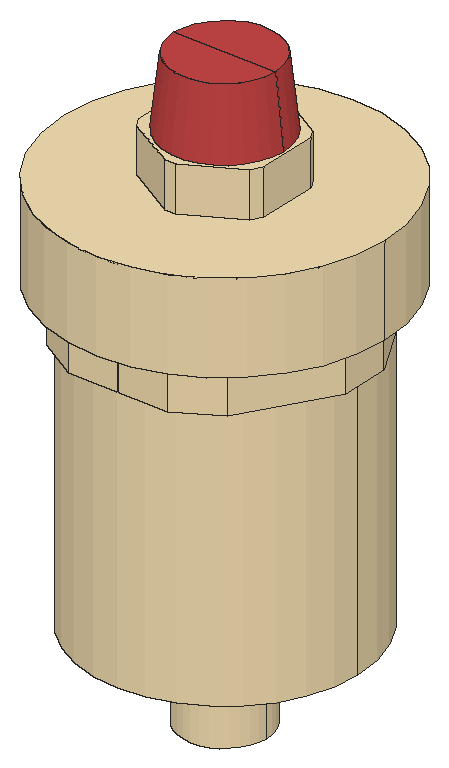
Revit family "2", category Pipe Accessories, Revit 2018
Family settings
  Round Connector Dimension = Use Diameter
  Part Type = Normal
  OmniClass Number = 23.65.00.00
  OmniClass Title = Supply and Distribution of Liquids and Gases
  Work Plane-Based = No
  Always vertical = No
  Cut with Voids When Loaded = No
  Shared = No
Parameters (values of type "3/8" - Yellow")
  Youtube clip = ""
  Weight Net (Kg) = ""
  Uniformat II Description = "HVAC"  # constant formula
  Uniformat II Code = "D30"  # constant formula
  Uniclass 2015 Name = "Heating, cooling and refrigeration systems"  # constant formula
  Uniclass 2015 Code = "Ss_60"  # constant formula
  Uniclass 2.0 Description = "Automatic Air Vents"  # constant formula
  Uniclass 2.0 Code = "PR-55-34-05"  # constant formula
  Uniclass 1.4 Description = "Heating systems"  # constant formula
  Uniclass 1.4 Code = "JT10"  # constant formula
  URL = "www.pintossi.it"
  UNSPSC Code = "401446"  # constant formula
  Technical description = ""
  Region South America = "All"  # constant formula
  Region Oceania = "All"  # constant formula
  Region North America = "All"  # constant formula
  Region Middle East = "All"  # constant formula
  Region Europe = "All"  # constant formula
  Region Asia = "All"  # constant formula
  Region Antarctica = "All"  # constant formula
  Region Africa = "All"  # constant formula
  Radius [instance] = [Inlet/Outlet Diameter] / 2  # 4.75 mm
  QR code = "https://www.bimobject.com/pintossi/product/507-automatic-air-vent\r\nhttps://www.bimobject.com/pintossi/product/507-automatic-air-vent"  # constant formula
  Product url = ""
  Product group = "AUTOMATIC-AIR-VENTS"  # constant formula
  Product family = "COMPONENTS-FOR-CENTRAL-HEATING-SYSTEMS"  # constant formula
  Product data url = "https://bimobject.com/pintossi/product/507-automatic-air-vent"
  Product certification = ""
  Product SKU = "507-AUTOMATIC-AIR-VENT"  # constant formula
  Product Guid = "957643e4-c4a9-4858-b1d7-af8e2fce7ce0"  # constant formula
  PH: = "Between 7 and 8"  # constant formula
  Overall Height [instance] = 67.5 mm
  OmniClass Description = "Valves"  # constant formula
  OmniClass Code = "23-27 31 00"  # constant formula
  NBS Reference Description = "Automatic Air Vents"  # constant formula
  NBS Reference Code = "55-34-05"  # constant formula
  Model = "507 - AUTOMATIC AIR VENT"  # constant formula
  Maximum working temperature = 100 °C  # constant formula
  Maximum working pressure = 1000000.0 Pa  # constant formula
  Maximum percentage of glycol [%] = 30  # constant formula
  Maximum discharge pressure = 0.0 Pa
  Material secondary = ""
  Material main = "Brass"  # constant formula
  Material Polimer = Pintossi - Plastic - Red
  Material Gaskets = Pintossi - Rubber - NBR
  Material Body = Pintossi - Metal - Brass CW617N
  Masterformat 2014 Description = "Ventilating, and Air contitioning (HVAC)"  # constant formula
  Masterformat 2014 Code = "23 00 00"  # constant formula
  Mass = 0.00 kg
  Manufacturer country = "Italy"  # constant formula
  Manufacturer = "pintossi+C"  # constant formula
  Iron (FE): = "< 0,5 mg/kg (< 0,1 mg/kg for steam)"  # constant formula
  Installation instructions = ""
  Inlet/Outlet Diameter = 9.5 mm
  IFC Classification = "Valve"  # constant formula
  Gasket radius [instance] = Radius + 0.5 mm  # 5.25 mm
  Fluid aspect: = "Limpid"  # constant formula
  Edition number = 0
  EAN code = ""
  Design country = "Italy"  # constant formula
  Description = "Pintossi+C automatic air vents have the function of automatically eliminating the air that can build up inside a heating system.\r\n\r\nThe sealing is guaranteed by PTM system (Pintossi soft sealing), which allow a quick and safe installation, without the use of additional sealing materials, like hemp of PTFE ribbon.\r\n\r\nYellow and nichel plated finishing available."  # constant formula
  Date of publishing = ""
  Copper (CU): = "< 0,1 mg/kg (< 0,05 mg/kg for steam)"  # constant formula
  Thread Length [instance] = 10 mm
  Overall Diameter [instance] = 36.044 mm
  Conditioning: = "as indicated by the producer"  # constant formula
  Height [instance] = Overall Height - Thread Length  # 57.5 mm
  COBIe Type Category = ""
  Brand url = "www.pintossi.it"
  BIMobject category = "HVAC other HVAC"  # constant formula
  Application fluids = "Water or glycol solutions"  # constant formula
  Antifreeze: = "Passiveted Propylene Glycol"  # constant formula
Types (7, lengths in mm): name | Radius | Overall Height | Material Body | Inlet/Outlet Diameter | Gasket radius | Height | Brand url
  (no name) | 4.75 | 67.5 | Pintossi - Metal - Brass CW617N | 9.5 | 5.25 | 57.5 | "www.pintossi.it"
  3/8" - Yellow | 4.75 | 67.5 | Pintossi - Metal - Brass CW617N | 9.5 | 5.25 | 57.5 | "www.pintossi.it"
  1/2" - Yellow | 6.35 | 67 | Pintossi - Metal - Brass CW617N | 12.7 | 6.85 | 57 | ""
  3/4" - Yellow | 10.2 | 67 | Pintossi - Metal - Brass CW617N | 20.4 | 10.7 | 57 | "www.pintossi.it"
  1/2" - Nickel plated | 6.35 | 67 | Pintossi - Metal - Nickel | 12.7 | 6.85 | 57 | "www.pintossi.it"
  3/4" - Nickel plated | 10.2 | 67 | Pintossi - Metal - Nickel | 20.4 | 10.7 | 57 | "www.pintossi.it"
  3/8" - Nickel plated | 4.75 | 67.5 | Pintossi - Metal - Nickel | 9.5 | 5.25 | 57.5 | "www.pintossi.it"
Reference planes
  plane 1 "Center (Front/Back)": y = 0
  plane 2: z = 0
  plane 3 "Center (Left/Right)": x = 0
  plane 4: z = 57.5
Forms (mm)
  Extrusion 1, solid, material "Pintossi - Metal - Brass CW617N" <- "Material Body", detail levels fine
    sketch origin (0, 0, 0) x (1, 0, 0) y (0, 1, 0)
      loop
        line (-0.62, 7.725) -> (-6.38, 4.399) -> (-7, 3.326) -> (-7, -3.326) -> (-6.38, -4.399) -> (-0.62, -7.725) -> (0.62, -7.725) -> (6.38, -4.399) -> (7, -3.326) -> (7, 3.326) -> (6.38, 4.399) -> (0.62, 7.725) -> (-0.62, 7.725)
    from 44.8 to 49.8
  Extrusion 2, solid, material "Pintossi - Metal - Brass CW617N" <- "Material Body", detail levels fine
    sketch origin (0, 0, 0) x (1, 0, 0) y (0, 1, 0)
      loop
        circle (0, 0) r 18.022
    from 34.8 to 44.8
  Revolve 3, solid, material "Pintossi - Plastic - Red" <- "Material Polimer", detail levels fine
    sketch origin (0, 0, -3.396) x (1, 0, 0) y (0, 0, 1)
      loop
        line (0, 60.896) -> (0, 53.196) -> (6.627, 53.196) -> (5.685, 60.896) -> (0, 60.896)
      axis (0, 53.196) -> (0, 60.896)
    angle from 0 to 360
  Revolve 4, solid, material "Pintossi - Metal - Brass CW617N" <- "Material Body", detail levels fine
    sketch origin (0, 0, 0) x (1, 0, 0) y (0, 0, 1)
      loop
        line (0, 0) -> (15, 0) -> (15, 34.8) -> (0, 34.8) -> (0, 0)
      axis (0, 0) -> (0, 34.8)
    angle from 0 to 360
  Extrusion 5, solid, material "Pintossi - Metal - Brass CW617N" <- "Material Body", detail levels fine
    sketch origin (0, 0, 0) x (1, 0, 0) y (0, 1, 0)
      loop
        line (-15.774, 2.678) -> (-15.774, -2.678) -> (-10.206, -12.322) -> (-5.568, -15) -> (5.568, -15) -> (10.206, -12.322) -> (15.774, -2.678) -> (15.774, 2.678) -> (10.206, 12.322) -> (5.568, 15) -> (-5.568, 15) -> (-10.206, 12.322) -> (-15.774, 2.678)
    from 29.807 to 34.8
  Revolve 6, solid, material "Pintossi - Rubber - NBR" <- "Material Gaskets", detail levels fine
    sketch origin (0, 0, 0) x (1, 0, 0) y (0, 0, 1)
      loop
        line (0, -0.1) -> (0, -1.88) -> (5.25, -1.88) -> (5.25, -0.1) -> (0, -0.1)
      axis (0, -1.88) -> (0, -0.1)
    angle from 0 to 360
  Revolve 7, solid, material "Pintossi - Metal - Brass CW617N" <- "Material Body", detail levels fine
    sketch origin (0, 0, 0) x (1, 0, 0) y (0, 0, 1)
      loop
        line (0, 0) -> (0, -10) -> (4.75, -10) -> (4.75, 0) -> (0, 0)
      axis (0, -10) -> (0, 0)
    angle from 0 to 360
Lines and regions (mm)
  reference lines
    curve 1: line (10.25, 0, -10) -> (-52.541, 0, -10)
    curve 2: line (-10.25, 0, -10) -> (-10.25, 0, -30)
    curve 3: line (10.25, 0, -10) -> (10.25, 0, -30)
    curve 4: line (0, 34.304, 0) -> (0, -26.972, 0)
    curve 5: line (-25, 0, 0) -> (30, 0, 0)
  model lines, detail levels coarse+medium
    curve 6: line (0, 0, -10) -> (0, 0, 44.8)
    curve 7: line (0, 0, 44.8) -> (0, -6.892, 34.493)
    curve 8: circle (0, -9.899, 30.498) r 5 normal (1, 0, 0)
  symbolic lines
    curve 9: line (0, -0.625, 0) -> (0, 64.375, 0)
    curve 10: line (0, 64.375, 0) -> (12.069, 52.306, 0)
    curve 11: circle (15.605, 48.77, 0) r 5 normal (0, 0, 1)
Dimensions and locks
  equal spacing: curve 2, plane 3 "Center (Left/Right)", curve 3
  "Thread Length": level to curve 1
  "Radius": Revolve 7 sketch curve to Revolve 7 sketch curve
  "Gasket radius": Revolve 6 sketch curve to Revolve 6 sketch curve
  Extrusion 5 to level = 29.807 mm
  locked: plane 4 to Extrusion 1 at 12.7
  locked: plane 4 to Extrusion 2 at 22.7
  plane 4 to Extrusion 5 = 27.693 mm
  "Height": plane 4 to plane 2
  locked: Revolve 3 to Revolve 3 at 7.7
  locked: plane 4 to Extrusion 1 at 7.7
  locked: plane 4 to Extrusion 2 at 12.7
  locked: plane 4 to Extrusion 5 at 22.7
  locked: plane 4 to Extrusion 5 at 27.693
  locked: plane 4 to Revolve 4 at 22.7
  plane 4 to curve 1 = 67.5 mm
  aligned and locked: level to plane 2
  aligned and locked: curve 4 to plane 3 "Center (Left/Right)"
  aligned and locked: plane 1 "Center (Front/Back)" to curve 5
  aligned and locked: Revolve 3 to plane 4
Automatic sketch dimensions
  Extrusion 1 sketch curve to plane 1 "Center (Front/Back)" = 3.326 mm  (x2)
  Extrusion 1 sketch curve to plane 3 "Center (Left/Right)" = 7 mm
  Extrusion 1 sketch curve to Extrusion 1 sketch curve = 0.62 mm  (x3)
  Extrusion 1 sketch curve to plane 3 "Center (Left/Right)" = 0.62 mm  (x2)
  plane 3 "Center (Left/Right)" to Extrusion 1 sketch curve = 0.62 mm  (x2)
  plane 3 "Center (Left/Right)" to Extrusion 1 sketch curve = 6.38 mm  (x2)
  plane 1 "Center (Front/Back)" to Extrusion 1 sketch curve = 3.326 mm  (x2)
  Extrusion 1 sketch curve to Extrusion 1 sketch curve = 1.073 mm  (x4)
  Extrusion 1 sketch curve to Extrusion 1 sketch curve = 3.326 mm  (x2)
  Revolve 3 sketch curve to plane 3 "Center (Left/Right)" = 0 mm  (x2)
  plane 3 "Center (Left/Right)" to Revolve 3 sketch curve = 5.685 mm
  plane 3 "Center (Left/Right)" to Revolve 3 sketch curve = 6.627 mm
  level to Revolve 3 sketch curve = 49.8 mm
  Revolve 3 sketch curve to Revolve 3 sketch curve = 7.7 mm
  Revolve 3 sketch curve to Revolve 3 sketch curve = 3.396 mm  (x2)
  Revolve 4 sketch curve to level = 0 mm  (x2)
  Revolve 4 sketch curve to plane 3 "Center (Left/Right)" = 0 mm  (x2)
  plane 3 "Center (Left/Right)" to Revolve 4 sketch curve = 15 mm
  level to Revolve 4 sketch curve = 34.8 mm
  Revolve 4 sketch curve to Revolve 4 sketch curve = 3.728 mm
  Extrusion 5 sketch curve to plane 1 "Center (Front/Back)" = 2.678 mm  (x2)
  Extrusion 5 sketch curve to plane 3 "Center (Left/Right)" = 15.774 mm
  Extrusion 5 sketch curve to plane 3 "Center (Left/Right)" = 10.206 mm  (x2)
  Extrusion 5 sketch curve to Extrusion 5 sketch curve = 4.639 mm  (x4)
  plane 3 "Center (Left/Right)" to Extrusion 5 sketch curve = 5.568 mm  (x2)
  plane 1 "Center (Front/Back)" to Extrusion 5 sketch curve = 2.678 mm  (x2)
  Extrusion 5 sketch curve to Extrusion 5 sketch curve = 5.568 mm
  plane 1 "Center (Front/Back)" to Extrusion 5 sketch curve = 12.322 mm
  Extrusion 5 sketch curve to Extrusion 5 sketch curve = 9.644 mm  (x3)
  Extrusion 5 sketch curve to Extrusion 5 sketch curve = 2.678 mm  (x2)
  curve 5 to curve 4 = 25 mm
  curve 4 to curve 5 = 30 mm
  curve 4 to curve 5 = 26.972 mm
  curve 5 to curve 4 = 34.304 mm
  plane 1 "Center (Front/Back)" to Extrusion 2 sketch curve = 0 mm
  Extrusion 2 sketch curve to plane 3 "Center (Left/Right)" = 0 mm
  plane 1 "Center (Front/Back)" to curve 5 = 0 mm
  curve 4 to plane 3 "Center (Left/Right)" = 0 mm
  curve 5 to plane 3 "Center (Left/Right)" = 25 mm
  plane 3 "Center (Left/Right)" to curve 5 = 30 mm
  plane 1 "Center (Front/Back)" to curve 4 = 26.972 mm
  curve 4 to plane 1 "Center (Front/Back)" = 34.304 mm
  curve 7 to plane 1 "Center (Front/Back)" = 0 mm
  plane 1 "Center (Front/Back)" to curve 8 = 9.899 mm
  plane 4 to curve 8 = 27.002 mm
  plane 4 to curve 7 = 12.7 mm
  curve 8 to curve 7 = 3.007 mm
  curve 6 to level = 10 mm
  curve 8 to curve 7 = 3.995 mm
  plane 3 "Center (Left/Right)" to curve 11 = 15.605 mm
  curve 11 to plane 1 "Center (Front/Back)" = 48.77 mm
  curve 11 to curve 10 = 15.605 mm
  curve 10 to curve 11 = 3.536 mm
  curve 11 to curve 10 = 3.536 mm
  curve 9 to plane 3 "Center (Left/Right)" = 0 mm
  plane 1 "Center (Front/Back)" to curve 9 = 0.625 mm
  Revolve 6 sketch curve to plane 3 "Center (Left/Right)" = 0 mm  (x2)
  Revolve 6 sketch curve to level = 1.88 mm
  Revolve 6 sketch curve to level = 0.1 mm
  Revolve 6 sketch curve to Revolve 6 sketch curve = 0 mm  (x2)
  plane 3 "Center (Left/Right)" to curve 3 = 10.25 mm
  curve 1 to curve 2 = 42.291 mm
  curve 3 to curve 1 = 20 mm
  curve 2 to curve 2 = 20 mm
  Revolve 7 sketch curve to level = 0 mm  (x2)
  Revolve 7 sketch curve to plane 3 "Center (Left/Right)" = 0 mm  (x2)
  Revolve 7 sketch curve to level = 10 mm
  Revolve 7 sketch curve to Revolve 7 sketch curve = 0 mm
  radius of Extrusion 2 sketch curve = 18.022 mm
Connectors
  piping at (0, 0, -10), diameter 9.5, driven by "Inlet/Outlet Diameter"
    settings: on Revolve 7, index 1, connector inside diameter 609.6 mm, connector length 0 mm, flow factor 0, pipe flow 0.0 L/s, pressure drop 0.0 Pa, fitting loss kfactor 0, connector angle 0.00°, fixture units 0, engagement length 0 mm, angle of deflection 0.00°, flow configuration 0, flow direction 0, fitting loss method 0, system type 29, joint type 0, gender type 0, connector reference index -1, connector utility 0, adjustable connector no, is connector primary yes, connector description ""
